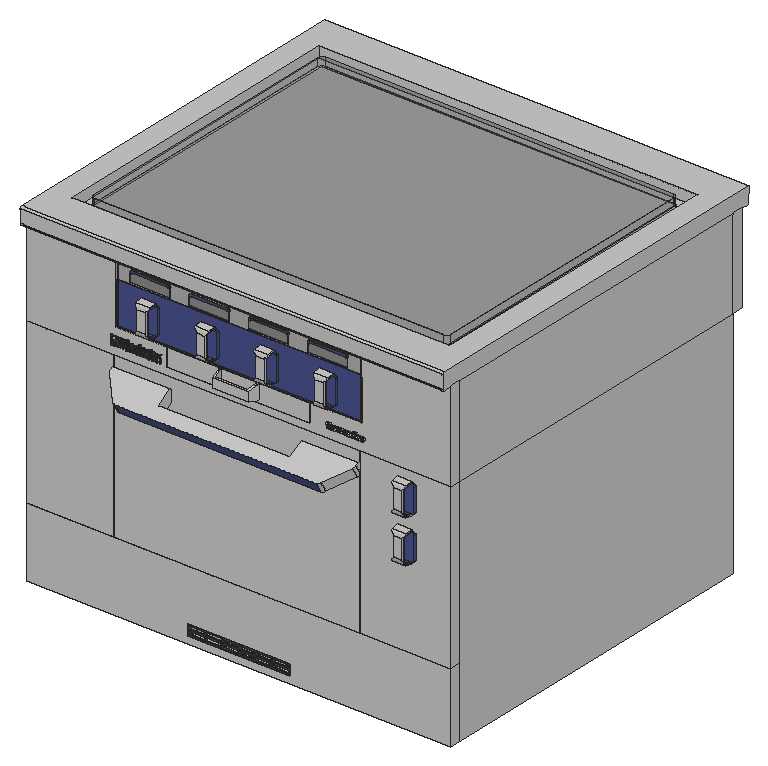
Revit family "QF_ELECTROLUXPROFESSIONAL_589655_MCLLFAJ8AO", category Attrezzature speciali, Revit 2020
Family settings
  Quota connettore circolare = Usa diametro
  Tipo di parte = Normale
  Basato su piano di lavoro = No
  Sempre verticale = Sì
  Taglio con vuoti quando caricato = No
  Condiviso = No
  Punto di calcolo locali = No
Parameters (values of type "Standard")
  Weight = 258.00 kg
  Watts = 21300 W
  Volts = 400 V
  URL Manufacturer = "https://www.electroluxprofessional.com/"
  URL = "https://www.electroluxprofessional.com/"
  Steam Supply Size = 0"
  Steam Supply Minimum Pressure = 0.00 psi
  Steam Supply Maximum Pressure = 0.00 psi
  Steam Consumption per Hour = 0
  Refrigeration Suction Line Size = 0 mm
  Refrigeration Liquid Line Size = 0 mm
  Refrigerant Compressor Remote = yes
  Prospetto di default = 0 mm
  Phase = 3
  Modello = "MCLLFAJ8AO"
  Produttore = "Electrolux Professional"
  Length Actual = 1000 mm  # constant formula
  Item Number = "589655"
  Hot Water Size = 0"
  Height Actual = 800 mm  # constant formula
  HP = "28.6 HP"
  Gas Size = 0"
  Gas KW = 0
  Gas Input Pressure = 0.0 Btu/h
  Direct Waste Size = 0"
  Descrizione = "EL.SOLID TOP,ST.OV,1S,1000X900X800H"
  Depth Actual = 900 mm  # constant formula
  Cycle = 50 Hz
  Condensate Return Size = 0"
  Compressed Air Volume = 0 GPM
  Compressed Air Size = 0"
  Compressed Air Pressure = 0.00 psi
  Cold Water Size = 0"
  Accessory = yes
Reference planes
  plane 1 "BACK": y = 0
  plane 2: z = 0
  plane 3 "LEFT": x = -100
  plane 4 "RIGHT": x = 900
  plane 5 "FRONT": y = -900
  plane 6 "TOP": z = 900
  plane 7 "Center (Left/Right)": x = 400
  plane 8: y = -450
  plane 9: z = 100
  plane 10: y = -150
  plane 11 "Panel": y = -855
  plane 12: z = 798
  plane 13: z = 1327
  plane 14: x = -22
  plane 15: x = 822
  plane 16: y = -150
  plane 17: y = -650
  plane 18 "EIx": x = 855
  plane 19 "EIy": y = -685
  plane 20: y = -880
  plane 21: z = 938
Forms (mm)
  Extrusion 1, solid, material "QF_Finishes_Stainless Steel"
    sketch origin (-178.969, -4572, 100) x (-1, 0, 0) y (0, -1, 0)
      loop
        line (-78.969, -4527) -> (-78.969, -3717) -> (-1078.969, -3717) -> (-1078.969, -4527) -> (-78.969, -4527)
    from 550 to 762.969
  Extrusion 2, solid, material "QF_Finishes_Stainless Steel"
    sketch origin (-100, 0, -100) x (0, 1, 0) y (0, 0, 1)
      loop
        line (-855, 200) -> (-855, 365) -> (-880, 365) -> (-880, 200) -> (-855, 200)
    from 0 to 1000
  Extrusion 3, solid, material "QF_Finishes_Stainless Steel"
    sketch origin (-488.969, -4662, 100) x (-1, 0, 0) y (0, -1, 0)
      loop
        circle (-1343.969, -3977) r 6.35
    from 0 to -11.851
  Extrusion 4, solid, material "QF_Finishes_Stainless Steel"
    sketch origin (400, 296.4, 1219.2) x (0, 1, 0) y (0, 0, 1)
      loop
        line (-296.4, -319.2) -> (-1191.4, -319.2)
        arc (-1191.4, -319.2) -> (-1194.935, -320.664) -> (-1196.4, -324.2) r 5
        line (-1196.4, -324.2) -> (-1196.4, -355.2)
        arc (-1196.4, -355.2) -> (-1194.971, -358.264) -> (-1191.705, -359.139) r 4
        line (-1191.705, -359.139) -> (-1176.4, -356.231) -> (-316.4, -356.231) -> (-301.094, -359.139)
        arc (-301.094, -359.139) -> (-297.829, -358.264) -> (-296.4, -355.2) r 4
        line (-296.4, -355.2) -> (-296.4, -319.2)
    from -500 to 500
  Extrusion 5, solid, material "QF_Finishes_Electrolux_Black Smoke Iluminated"
    sketch origin (0, 0, 900) x (-1, 0, 0) y (0, -1, 0)
      loop
        arc (12, 109) -> (19.071, 111.929) -> (22, 119) r 10
        line (22, 119) -> (22, 780)
        arc (22, 780) -> (19.071, 787.071) -> (12, 790) r 10
        line (12, 790) -> (-812, 790)
        arc (-812, 790) -> (-819.071, 787.071) -> (-822, 780) r 10
        line (-822, 780) -> (-822, 119)
        arc (-822, 119) -> (-819.071, 111.929) -> (-812, 109) r 10
        line (-812, 109) -> (12, 109)
    from 0 to -20
  Extrusion 6, solid, material "QF_Finishes_Stainless Steel"
    sketch origin (-178.969, -4572, 100) x (-1, 0, 0) y (0, -1, 0)
      loop
        line (-78.969, -4527) -> (-78.969, -3717) -> (-1078.969, -3717) -> (-1078.969, -4527) -> (-78.969, -4527)
    from 550 to 0
  Extrusion 7, void
    sketch origin (0, -855, -100) x (-1, 0, 0) y (0, 0, 1)
      loop
        line (-520, 216.594) -> (-280, 216.594) -> (-280, 241.594) -> (-520, 241.594) -> (-520, 216.594)
    from 0 to -25
  Extrusion 8, solid, material "QF_Finishes_Black"
    sketch origin (0, -855, -100) x (-1, 0, 0) y (0, 0, 1)
      loop
        line (-280, 241.594) -> (-520, 241.594) -> (-520, 216.594) -> (-280, 216.594) -> (-280, 241.594)
      loop
        line (-282, 239.594) -> (-319.131, 239.594) -> (-319.131, 230.094) -> (-282, 230.094) -> (-282, 239.594)
      loop
        line (-282, 218.594) -> (-282, 228.094) -> (-319.131, 228.094) -> (-319.131, 218.594) -> (-282, 218.594)
      loop
        line (-321.131, 239.594) -> (-359.066, 239.594) -> (-359.066, 230.094) -> (-321.131, 230.094) -> (-321.131, 239.594)
      loop
        line (-399, 239.594) -> (-399, 230.094) -> (-361.066, 230.094) -> (-361.066, 239.594) -> (-399, 239.594)
      loop
        line (-401, 239.594) -> (-438.934, 239.594) -> (-438.934, 230.094) -> (-401, 230.094) -> (-401, 239.594)
      loop
        line (-359.066, 218.594) -> (-321.131, 218.594) -> (-321.131, 228.094) -> (-359.066, 228.094) -> (-359.066, 218.594)
      loop
        line (-361.066, 218.594) -> (-361.066, 228.094) -> (-399, 228.094) -> (-399, 218.594) -> (-361.066, 218.594)
      loop
        line (-401, 228.094) -> (-438.934, 228.094) -> (-438.934, 218.594) -> (-401, 218.594) -> (-401, 228.094)
      loop
        line (-518, 239.594) -> (-518, 230.094) -> (-480.869, 230.094) -> (-480.869, 239.594) -> (-518, 239.594)
      loop
        line (-518, 218.594) -> (-480.869, 218.594) -> (-480.869, 228.094) -> (-518, 228.094) -> (-518, 218.594)
      loop
        line (-478.869, 239.594) -> (-478.869, 230.094) -> (-440.934, 230.094) -> (-440.934, 239.594) -> (-478.869, 239.594)
      loop
        line (-440.934, 218.594) -> (-440.934, 228.094) -> (-478.869, 228.094) -> (-478.869, 218.594) -> (-440.934, 218.594)
    from -25.03 to -20
  Extrusion 9, void
    sketch origin (0, 0, 900) x (-1, 0, 0) y (0, -1, 0)
      loop
        line (47, 815) -> (-847, 815) -> (-847, 84) -> (47, 84) -> (47, 815)
    from 0 to -25
  Extrusion 10, solid, material "QF_Finishes_Stainless Steel"
    sketch origin (0, 0, 900) x (-1, 0, 0) y (0, -1, 0)
      loop
        line (18, 113) -> (18, 786) -> (-818, 786) -> (-818, 113) -> (18, 113)
    from -20 to -25
  Extrusion 11, solid, material "QF_Finishes_Stainless Steel"
    sketch origin (400, 296.4, 1219.2) x (0, 1, 0) y (0, 0, 1)
      loop
        line (-341.4, -569.2) -> (-316.4, -569.2) -> (-316.4, -356.231) -> (-341.4, -356.231) -> (-341.4, -569.2)
    from -500 to 500
Cuts and joins
  Extrusion 7 cuts Extrusion 6
  Extrusion 7 cuts Extrusion 2
  Extrusion 9 cuts Extrusion 4
Lines and regions (mm)
  symbolic lines
    curve 1: line (-100, 0, 100) -> (900, 0, 100)
    curve 2: line (-100, -900, 100) -> (-100, 0, 100)
    curve 3: line (900, -900, 100) -> (-100, -900, 100)
    curve 4: line (900, 0, 100) -> (900, -900, 100)
    curve 5: line (812, -109, 100) -> (-12, -109, 100)
    curve 6: line (-22, -119, 100) -> (-22, -780, 100)
    curve 7: line (-12, -790, 100) -> (812, -790, 100)
    curve 8: line (822, -780, 100) -> (822, -119, 100)
    curve 9: arc (-12, -109, 100) -> (-19.071, -111.929, 100) -> (-22, -119, 100) r 10
    curve 10: arc (822, -119, 100) -> (819.071, -111.929, 100) -> (812, -109, 100) r 10
    curve 11: arc (812, -790, 100) -> (819.071, -787.071, 100) -> (822, -780, 100) r 10
    curve 12: arc (-22, -780, 100) -> (-19.071, -787.071, 100) -> (-12, -790, 100) r 10
    curve 13: line (847, -84, 900) -> (-47, -84, 900)
    curve 14: line (-47, -84, 900) -> (-47, -815, 900)
    curve 15: line (847, -815, 900) -> (847, -84, 900)
    curve 16: line (-47, -815, 900) -> (847, -815, 900)
  model lines, style "SpecialityEquipment"
    curve 17: arc (634, -211, 900) -> (580.967, -339.033, 900) -> (709, -286, 900) r 75
    curve 18: line (689, -286, 900) -> (729, -286, 900)
    curve 19: line (729, -286, 900) -> (709, -266, 900)
    curve 20: line (689, -286, 900) -> (709, -266, 900)
    curve 21: arc (166, -211, 900) -> (112.967, -339.033, 900) -> (241, -286, 900) r 75
    curve 22: line (221, -286, 900) -> (261, -286, 900)
    curve 23: line (261, -286, 900) -> (241, -266, 900)
    curve 24: line (221, -286, 900) -> (241, -266, 900)
    curve 25: arc (634, -539, 900) -> (580.967, -667.033, 900) -> (709, -614, 900) r 75
    curve 26: line (689, -614, 900) -> (729, -614, 900)
    curve 27: line (729, -614, 900) -> (709, -594, 900)
    curve 28: line (689, -614, 900) -> (709, -594, 900)
    curve 29: arc (166, -539, 900) -> (112.967, -667.033, 900) -> (241, -614, 900) r 75
    curve 30: line (221, -614, 900) -> (261, -614, 900)
    curve 31: line (261, -614, 900) -> (241, -594, 900)
    curve 32: line (221, -614, 900) -> (241, -594, 900)
Dimensions and locks
  plane 3 "LEFT" to plane 4 "RIGHT" = 1000 mm
  plane 5 "FRONT" to plane 1 "BACK" = 900 mm
  plane 3 "LEFT" to plane 7 "Center (Left/Right)" to plane 4 "RIGHT" = 500 mm, 500 mm
  equal spacing: plane 5 "FRONT", plane 8, plane 1 "BACK"
  plane 6 "TOP" to level = 900 mm  (x2)
  plane 9 to level = 100 mm
  plane 1 "BACK" to plane 10 to plane 11 "Panel" = 150 mm, 705 mm  (x2)
  plane 6 "TOP" to plane 9 to level = 800 mm, 100 mm
  plane 1 "BACK" to plane 5 "FRONT" = 900 mm
  plane 1 "BACK" to Extrusion 3 = 685 mm
  plane 12 to plane 9 = 698 mm
  plane 13 to plane 6 "TOP" = 427 mm
  plane 6 "TOP" to plane 12 = 102 mm
  plane 14 to plane 3 "LEFT" = 78 mm
  plane 15 to plane 4 "RIGHT" = 78 mm
  locked: plane 1 "BACK" to plane 16 at 150
  locked: plane 16 to plane 17 at 500
  plane 11 "Panel" to plane 5 "FRONT" = 45 mm
  plane 18 "EIx" to plane 4 "RIGHT" = 45 mm
  plane 19 "EIy" to plane 1 "BACK" = 685 mm
  locked: plane 11 "Panel" to plane 20 at 25
  plane 21 to plane 6 "TOP" = 38 mm
  aligned and locked: level to plane 2
  aligned and locked: Extrusion 2 to plane 4 "RIGHT"
  aligned and locked: cut or joined group of Extrusion 4, Extrusion 9 to plane 3 "LEFT"
  aligned and locked: cut or joined group of Extrusion 4, Extrusion 9 to plane 4 "RIGHT"
  aligned and locked: cut or joined group of Extrusion 6, Extrusion 7 to plane 4 "RIGHT"
  aligned and locked: cut or joined group of Extrusion 6, Extrusion 7 to plane 3 "LEFT"
  aligned and locked: nested 1 to plane 11 "Panel"
  aligned and locked: nested 4 to plane 11 "Panel"
  aligned and locked: Extrusion 1 to plane 11 "Panel"
  aligned and locked: plane 11 "Panel" to cut or joined group of Extrusion 2, Extrusion 7
  aligned and locked: nested 2 to plane 20
  aligned and locked: nested 3 to plane 20
  aligned and locked: Extrusion 1 to plane 3 "LEFT"
  aligned and locked: Extrusion 1 to plane 4 "RIGHT"
  aligned and locked: plane 3 "LEFT" to nested 1
  aligned and locked: cut or joined group of Extrusion 2, Extrusion 7 to nested 1
  aligned and locked: Extrusion 1 to cut or joined group of Extrusion 4, Extrusion 9
  aligned and locked: cut or joined group of Extrusion 6, Extrusion 7 to nested 4
  aligned and locked: Extrusion 1 to cut or joined group of Extrusion 6, Extrusion 7
  aligned and locked: Extrusion 11 to plane 3 "LEFT"
  aligned and locked: Extrusion 11 to plane 4 "RIGHT"
Automatic sketch dimensions
  Extrusion 1 sketch curve to plane 4 "RIGHT" = 0 mm
  Extrusion 1 sketch curve to plane 3 "LEFT" = 0 mm
  Extrusion 1 sketch curve to plane 11 "Panel" = 0 mm
  plane 1 "BACK" to Extrusion 1 sketch curve = 45 mm
  Extrusion 2 sketch curve to plane 9 = 0 mm
  Extrusion 2 sketch curve to plane 20 = 0 mm
  Extrusion 2 sketch curve to plane 11 "Panel" = 0 mm
  plane 9 to Extrusion 2 sketch curve = 165 mm
  plane 1 "BACK" to curve 1 = 0 mm
  curve 1 to plane 4 "RIGHT" = 0 mm
  curve 8 to plane 15 = 0 mm
  curve 6 to plane 14 = 0 mm
  curve 2 to plane 3 "LEFT" = 0 mm
  plane 5 "FRONT" to curve 3 = 0 mm
  plane 15 to curve 5 = 10 mm
  plane 15 to curve 11 = 10 mm
  curve 5 to plane 14 = 10 mm
  curve 12 to curve 12 = 10 mm
  plane 10 to curve 5 = 41 mm
  plane 11 "Panel" to curve 11 = 75 mm
  Extrusion 3 sketch curve to plane 18 "EIx" = 0 mm
  Extrusion 3 sketch curve to plane 19 "EIy" = 0 mm
  Extrusion 4 sketch curve to plane 5 "FRONT" = 0 mm
  Extrusion 4 sketch curve to plane 6 "TOP" = 0 mm
  Extrusion 4 sketch curve to plane 20 = 0 mm
  Extrusion 4 sketch curve to plane 1 "BACK" = 0 mm
  Extrusion 4 sketch curve to Extrusion 4 sketch curve = 4 mm
  Extrusion 4 sketch curve to Extrusion 4 sketch curve = 0.695 mm
  Extrusion 4 sketch curve to plane 5 "FRONT" = 5 mm
  plane 1 "BACK" to Extrusion 4 sketch curve = 20 mm
  plane 1 "BACK" to Extrusion 4 sketch curve = 4.695 mm
  plane 1 "BACK" to Extrusion 4 sketch curve = 4 mm
  Extrusion 4 sketch curve to Extrusion 4 sketch curve = 31 mm
  Extrusion 4 sketch curve to Extrusion 4 sketch curve = 36 mm
  Extrusion 4 sketch curve to Extrusion 4 sketch curve = 2.909 mm
  Extrusion 5 sketch curve to plane 15 = 0 mm
  Extrusion 5 sketch curve to plane 14 = 0 mm
  plane 15 to Extrusion 5 sketch curve = 10 mm  (x2)
  Extrusion 5 sketch curve to Extrusion 5 sketch curve = 10 mm  (x2)
  plane 10 to Extrusion 5 sketch curve = 41 mm
  plane 11 "Panel" to Extrusion 5 sketch curve = 75 mm
  Extrusion 6 sketch curve to plane 4 "RIGHT" = 0 mm
  Extrusion 6 sketch curve to plane 3 "LEFT" = 0 mm
  Extrusion 6 sketch curve to plane 11 "Panel" = 0 mm
  plane 1 "BACK" to Extrusion 6 sketch curve = 45 mm
  plane 9 to Extrusion 7 sketch curve = 41.594 mm
  plane 7 "Center (Left/Right)" to Extrusion 7 sketch curve = 120 mm
  Extrusion 7 sketch curve to plane 7 "Center (Left/Right)" = 120 mm
  plane 9 to Extrusion 7 sketch curve = 16.594 mm
  plane 9 to Extrusion 8 sketch curve = 41.594 mm
  plane 7 "Center (Left/Right)" to Extrusion 8 sketch curve = 120 mm
  Extrusion 8 sketch curve to Extrusion 8 sketch curve = 2 mm  (x15)
  Extrusion 8 sketch curve to Extrusion 8 sketch curve = 0 mm  (x16)
  Extrusion 8 sketch curve to Extrusion 8 sketch curve = 37.131 mm  (x2)
  Extrusion 8 sketch curve to Extrusion 8 sketch curve = 37.934 mm  (x3)
  plane 7 "Center (Left/Right)" to Extrusion 8 sketch curve = 1 mm  (x2)
  Extrusion 8 sketch curve to plane 7 "Center (Left/Right)" = 1 mm  (x2)
  plane 9 to Extrusion 8 sketch curve = 18.594 mm  (x4)
  Extrusion 8 sketch curve to Extrusion 8 sketch curve = 9.5 mm  (x6)
  plane 18 "EIx" to Extrusion 9 sketch curve = 8 mm
  plane 14 to Extrusion 9 sketch curve = 25 mm
  plane 10 to Extrusion 9 sketch curve = 66 mm
  plane 11 "Panel" to Extrusion 9 sketch curve = 40 mm
  plane 15 to Extrusion 10 sketch curve = 4 mm
  Extrusion 10 sketch curve to plane 14 = 4 mm
  plane 10 to Extrusion 10 sketch curve = 37 mm
  plane 11 "Panel" to Extrusion 10 sketch curve = 69 mm
  plane 18 "EIx" to curve 13 = 8 mm
  curve 27 to plane 17 = 36 mm
  plane 15 to curve 27 = 93 mm
  plane 15 to curve 18 = 93 mm
  curve 18 to curve 20 = 20 mm
  curve 26 to curve 27 = 20 mm
  curve 19 to curve 18 = 20 mm
  curve 28 to curve 26 = 20 mm
  curve 26 to curve 25 = 55 mm
  curve 18 to curve 17 = 55 mm
  curve 23 to plane 7 "Center (Left/Right)" = 139 mm
  curve 31 to plane 17 = 36 mm
  curve 31 to plane 7 "Center (Left/Right)" = 139 mm
  curve 30 to curve 31 = 20 mm
  curve 22 to curve 23 = 20 mm
  curve 32 to curve 32 = 20 mm
  curve 23 to curve 22 = 20 mm
  curve 30 to curve 29 = 55 mm
  curve 22 to curve 21 = 55 mm
  plane 14 to curve 13 = 25 mm
  curve 24 to plane 10 = 136 mm
  curve 18 to plane 10 = 136 mm
  plane 10 to curve 15 = 66 mm
  plane 11 "Panel" to curve 16 = 40 mm
  curve 17 to curve 18 = 20 mm
  curve 25 to curve 26 = 20 mm
  curve 21 to curve 22 = 20 mm
  curve 29 to curve 30 = 20 mm
  plane 1 "BACK" to Extrusion 11 sketch curve = 45 mm
  plane 1 "BACK" to Extrusion 11 sketch curve = 20 mm
  Extrusion 11 sketch curve to plane 12 = 148 mm
  Extrusion 11 sketch curve to plane 6 "TOP" = 37.031 mm
  radius of Extrusion 3 sketch curve = 6.35 mm
Nested families
  nested 1: "Door_Panel_W1000_A" at (400, -855, 0), type "Door_Panel_W1000_A"
  nested 2: "FIT Range Control Handle" at (795, -883.137, -372.751), type "FIT Range Control Handle"
  nested 3: "FIT Range Control Handle" at (795, -883.137, -474.751), type "FIT Range Control Handle"
  nested 4: "Front_Panel_W1000_Four Knobs" at (102.376, -855, 0), type "Front_Panel_W1000_Four Knobs"
Connectors
  electrical at (855, -685, 88.149)
    settings: on Extrusion 3, index 1, voltage 400 V, apparent load 33000 VA, apparent load phase1 0 VA, apparent load phase2 0 VA, apparent load phase3 0 VA, power factor 1, load classification "Other", number of poles 1, system type 30, power factor state 1, is connector primary yes, connector utility no, sub classification motor no, connector description "ELECTRICAL CONNECTION"
Definition of nested family "Door_Panel_W1000_A"
  Parameters
    Default Elevation = 0 mm
  Reference planes
    plane 1 "Center (Front/Back)": y = 0
    plane 2 "Ref. Level": z = 0
    plane 3: x = 500
    plane 4: x = -500
    plane 5 "Center (Left/Right)": x = 0
    plane 6: x = -295
    plane 7: x = 285
    plane 8 "Manopola": through (-6096, -50.059, 612.389) normal (0, -0.515, 0.8572)
    plane 9 "Top": z = 650
    plane 10: z = 265
    plane 11: z = 200
  Forms (mm)
    Extrusion 1, solid
      sketch origin (0, 0, 0) x (0, 1, 0) y (0, 0, 1)
        loop
          line (-25.03, 650) -> (-25.03, 265) -> (0, 265) -> (0, 650) -> (-25.03, 650)
      from 285 to 500
    Extrusion 2, solid
      sketch origin (0, 0, 0) x (0, 1, 0) y (0, 0, 1)
        loop
          line (-25.03, 650) -> (-25.03, 265) -> (0, 265) -> (0, 650) -> (-25.03, 650)
      from -500 to -295
    Extrusion 3, solid
      sketch origin (0, 0, 0) x (0, 1, 0) y (0, 0, 1)
        loop
          line (-25.03, 650) -> (-25.03, 265) -> (0, 265) -> (0, 650) -> (-25.03, 650)
      from -295 to 285
    Extrusion 4, solid
      sketch origin (0, -283.633, 472.044) x (0, 0.857167, 0.515038) y (-1, 0, 0)
        loop
          line (299.12, -285) -> (299.12, 295) -> (290.982, 295)
          arc (290.982, 295) -> (286.677, 294.026) -> (283.211, 291.293) r 10
          line (283.211, 291.293) -> (233.28, 250.86)
          arc (233.28, 250.86) -> (230.548, 247.394) -> (229.574, 243.089) r 10
          line (229.574, 243.089) -> (229.574, -233.089)
          arc (229.574, -233.089) -> (230.548, -237.394) -> (233.28, -240.86) r 10
          line (233.28, -240.86) -> (283.211, -281.293)
          arc (283.211, -281.293) -> (286.677, -284.026) -> (290.982, -285) r 10
          line (290.982, -285) -> (299.12, -285)
      from -27 to 0
    Extrusion 5, void
      sketch origin (0, 0, 0) x (0, 1, 0) y (0, 0, 1)
        loop
          line (-61.514, 605.507) -> (-47.608, 582.363) -> (-25.03, 595.93) -> (-25.03, 627.429) -> (-61.514, 605.507)
      from -160 to 150
    Extrusion 6, solid, detail levels coarse
      sketch origin (0, 0, 0) x (0, 1, 0) y (0, 0, 1)
        loop
          line (-25.03, 265) -> (-25.03, 650)
          arc (-25.03, 650) -> (-297.266, 537.236) -> (-410.03, 265) r 385
          line (-410.03, 265) -> (-25.03, 265)
      from -295 to 285
  Cuts and joins
    Extrusion 5 cuts Extrusion 4
    joined: Extrusion 3, Extrusion 4
  Lines and regions (mm)
    symbolic lines
      curve 1: line (-287.355, -45.043, 0) -> (-250.86, -83.673, 0)
      curve 2: line (-243.089, -86.85, 0) -> (233.089, -86.85, 0)
      curve 3: line (240.86, -83.673, 0) -> (277.355, -45.043, 0)
      curve 4: arc (-243.089, -86.85, 0) -> (-247.318, -86.101, 0) -> (-250.86, -83.673, 0) r 10.165
      curve 5: arc (233.089, -86.85, 0) -> (237.318, -86.101, 0) -> (240.86, -83.673, 0) r 10.165
      curve 6: line (-295, -45.043, 0) -> (-295, -410.03, 0)
      curve 7: line (-295, -410.03, 0) -> (285, -410.03, 0)
      curve 8: line (285, -410.03, 0) -> (285, -45.03, 0)
  Dimensions and locks
    plane 3 to plane 4 = 1000 mm
    plane 4 to plane 3 = 1000 mm
    equal spacing: plane 3, plane 5 "Center (Left/Right)", plane 4
    plane 6 to plane 4 = 205 mm
    plane 3 to plane 7 = 215 mm
    plane 11 to level = 200 mm
    plane 10 to plane 11 = 65 mm
    plane 10 to plane 9 "Top" = 385 mm
    plane 9 "Top" to plane 11 = 450 mm
    aligned and locked: plane 3 to Extrusion 1
    aligned and locked: cut or joined group of Extrusion 3, Extrusion 4, Extrusion 5 to plane 6
    aligned and locked: cut or joined group of Extrusion 3, Extrusion 4, Extrusion 5 to plane 7
    aligned and locked: plane 7 to Extrusion 1
    aligned and locked: plane 6 to Extrusion 2
    aligned and locked: Extrusion 2 to plane 4
    aligned and locked: plane 10 to Extrusion 2
    aligned and locked: plane 10 to cut or joined group of Extrusion 3, Extrusion 4, Extrusion 5
    aligned and locked: plane 10 to Extrusion 1
    aligned and locked: Extrusion 6 to plane 6
    aligned and locked: Extrusion 6 to plane 7
  Automatic sketch dimensions
    Extrusion 5 sketch curve to plane 8 "Manopola" = 0 mm  (x2)
    plane 1 "Center (Front/Back)" to Extrusion 5 sketch curve = 61.514 mm
    Extrusion 5 sketch curve to Extrusion 5 sketch curve = 13.906 mm
    plane 1 "Center (Front/Back)" to Extrusion 5 sketch curve = 25.03 mm
    Extrusion 4 sketch curve to plane 7 = 0 mm
    Extrusion 4 sketch curve to plane 6 = 0 mm
    plane 6 to Extrusion 4 sketch curve = 51.911 mm
    plane 7 to Extrusion 4 sketch curve = 44.14 mm
    Extrusion 4 sketch curve to Extrusion 4 sketch curve = 3.707 mm  (x2)
    plane 6 to Extrusion 4 sketch curve = 44.14 mm
    plane 7 to Extrusion 4 sketch curve = 3.707 mm
    Extrusion 4 sketch curve to Extrusion 4 sketch curve = 49.93 mm  (x2)
    plane 6 to Extrusion 4 sketch curve = 3.707 mm
    Extrusion 4 sketch curve to Extrusion 4 sketch curve = 7.771 mm  (x3)
    Extrusion 4 sketch curve to Extrusion 4 sketch curve = 8.138 mm
    Extrusion 2 sketch curve to plane 1 "Center (Front/Back)" = 0 mm
    Extrusion 3 sketch curve to plane 1 "Center (Front/Back)" = 0 mm
    Extrusion 1 sketch curve to plane 1 "Center (Front/Back)" = 0 mm
    Extrusion 2 sketch curve to plane 9 "Top" = 0 mm
    Extrusion 2 sketch curve to Extrusion 2 sketch curve = 25.03 mm
    Extrusion 3 sketch curve to plane 9 "Top" = 0 mm
    Extrusion 3 sketch curve to Extrusion 3 sketch curve = 25.03 mm
    Extrusion 1 sketch curve to plane 9 "Top" = 0 mm
    plane 1 "Center (Front/Back)" to Extrusion 1 sketch curve = 25.03 mm
    level to Extrusion 1 sketch curve = 265 mm
    level to Extrusion 2 sketch curve = 265 mm
    level to Extrusion 3 sketch curve = 265 mm
    plane 10 to Extrusion 6 sketch curve = 0 mm
    Extrusion 6 sketch curve to plane 9 "Top" = 0 mm
    plane 1 "Center (Front/Back)" to Extrusion 6 sketch curve = 25.03 mm
    curve 7 to plane 7 = 0 mm
    plane 6 to curve 1 = 44.14 mm
    curve 4 to curve 4 = 7.389 mm
    curve 4 to curve 2 = 7.771 mm
    plane 7 to curve 2 = 51.911 mm
    curve 2 to curve 5 = 0.382 mm
    curve 2 to curve 3 = 7.771 mm
    plane 1 "Center (Front/Back)" to curve 6 = 410.03 mm
    plane 1 "Center (Front/Back)" to curve 2 = 86.85 mm
    curve 2 to curve 3 = 3.177 mm
    curve 2 to curve 1 = 3.177 mm
    plane 7 to curve 3 = 7.645 mm
    plane 1 "Center (Front/Back)" to curve 3 = 45.043 mm
    curve 3 to curve 8 = 0.013 mm
    curve 7 to plane 6 = 0 mm
    curve 6 to curve 1 = 7.645 mm
    plane 1 "Center (Front/Back)" to curve 1 = 45.043 mm
    curve 6 to curve 1 = 0 mm
Definition of nested family "FIT Range Control Handle"
  Parameters
    Default Elevation = 0 mm
  Reference planes
    plane 1 "Center (Front/Back)": y = 0
    plane 2: z = 0
    plane 3 "Center (Left/Right)": x = 0
    plane 4: z = 971.092
    plane 5: y = -16.8
  Forms (mm)
    Extrusion 1, solid
      sketch origin (-746.28, 380.497, 208.931) x (-1, 0, 0) y (0, 0, 1)
        loop
          line (-770.101, 786.798) -> (-770.101, 731.649)
          arc (-770.101, 731.649) -> (-769.759, 730.563) -> (-768.855, 729.87) r 1.893
          line (-768.855, 729.87) -> (-763.474, 727.911) -> (-729.81, 727.911) -> (-724.428, 729.87)
          arc (-724.428, 729.87) -> (-723.525, 730.563) -> (-723.183, 731.649) r 1.893
          line (-723.183, 731.649) -> (-723.183, 786.798)
          arc (-723.183, 786.798) -> (-723.529, 787.894) -> (-724.44, 788.593) r 1.91
          line (-724.44, 788.593) -> (-729.683, 790.819) -> (-763.601, 790.819) -> (-768.844, 788.593)
          arc (-768.844, 788.593) -> (-769.755, 787.894) -> (-770.101, 786.798) r 1.91
      from -382.35 to -378.852
    Sweep 2, solid
      path origin (-746.788, 380.496, 208.091) x (0, -1, 0) y (0, 0, 1)
        loop
          line (379.775, 793.281) -> (395.661, 791.048)
          arc (395.661, 791.048) -> (397.781, 787.377) -> (398.517, 783.202) r 12.207
          line (398.517, 783.202) -> (398.517, 737.368)
          arc (398.517, 737.368) -> (397.781, 733.193) -> (395.661, 729.522) r 12.207
          line (395.661, 729.522) -> (379.775, 727.289)
      profile origin (-746.788, -7.222, 1000.256) x (0, -0.139173, 0.990268) y (-1, 0, 0)
        loop
          line (0.782, -763.123) -> (0.782, -730.907) -> (-1.322, -730.907) -> (-1.322, -763.123) -> (0.782, -763.123)
    Sweep 3, solid
      path origin (-746.788, 380.715, 207.832) x (0, -1, 0) y (0, 0, 1)
        loop
          line (380.478, 795.442) -> (397.218, 793.09)
          arc (397.218, 793.09) -> (399.929, 788.473) -> (400.871, 783.202) r 15.207
          line (400.871, 783.202) -> (400.871, 737.584)
          arc (400.871, 737.584) -> (399.914, 732.274) -> (397.164, 727.633) r 15.207
          line (397.164, 727.633) -> (380.601, 725.305)
      profile origin (-746.788, -8.132, 1002.099) x (0, -0.139173, 0.990268) y (-1, 0, 0)
        loop
          line (0.782, -763.123) -> (0.782, -730.907) -> (-1.322, -730.907) -> (-1.322, -763.123) -> (0.782, -763.123)
    Extrusion 4, void
      sketch origin (889.253, 220.666, 207.993) x (1, 0, 0) y (0, 0, 1)
        loop
          line (-943.038, 816.854) -> (-943.038, 703.686) -> (-899.466, 734.196) -> (-899.466, 786.344) -> (-943.038, 816.854)
      from 230.636 to 242.25
    Extrusion 5, void
      sketch origin (-888.8, 220.666, 207.993) x (-1, 0, 0) y (0, 0, -1)
        loop
          line (-943.038, -816.854) -> (-899.466, -786.344) -> (-899.466, -734.196) -> (-943.038, -703.686) -> (-943.038, -816.854)
      from 230.636 to 242.25
    Extrusion 6, solid
      sketch origin (0, 0, 0) x (1, 0, 0) y (0, 0, 1)
        loop
          circle (0, 971.092) r 7.736
      from -3.137 to -1.645
  Cuts and joins
    Extrusion 4, Extrusion 5 cuts Sweep 3
    Extrusion 4, Extrusion 5 cuts Sweep 2
    joined: Extrusion 1, Extrusion 6
  Lines and regions (mm)
    symbolic lines
      curve 1: line (-15.881, -19.189, 0) -> (-15.881, -16.8, 0)
      curve 2: line (16.334, -19.189, 0) -> (16.334, -16.8, 0)
      curve 3: spline (-15.881, -19.189, 0) -> (-15.417, -19.349, 0) -> (-14.951, -19.501, 0) -> (-14.483, -19.646, 0) -> (-14.014, -19.783, 0) -> (-13.543, -19.912, 0) -> (-13.071, -20.033, 0) -> (-12.597, -20.146, 0) -> (-12.122, -20.251, 0) -> (-11.646, -20.349, 0) -> (-11.169, -20.438, 0) -> (-10.691, -20.52, 0) -> (-10.213, -20.593, 0)
      curve 4: spline (10.666, -20.593, 0) -> (11.144, -20.52, 0) -> (11.622, -20.438, 0) -> (12.099, -20.349, 0) -> (12.575, -20.251, 0) -> (13.05, -20.146, 0) -> (13.524, -20.033, 0) -> (13.996, -19.912, 0) -> (14.467, -19.783, 0) -> (14.936, -19.646, 0) -> (15.404, -19.501, 0) -> (15.87, -19.349, 0) -> (16.334, -19.189, 0)
      curve 5: line (-10.213, -20.938, 0) -> (10.716, -20.938, 0)
  Dimensions and locks
    cut or joined group of Sweep 3, Extrusion 4, Extrusion 5 to cut or joined group of Sweep 3, Extrusion 4, Extrusion 5 = 71.686 mm
Definition of nested family "Front_Panel_W1000_Four Knobs"
  Parameters
    Default Elevation = 0 mm
  Reference planes
    plane 1 "Center (Front/Back)": y = 0
    plane 2: z = 0
    plane 3 "Center (Left/Right)": x = 297.624
    plane 4 "Left": x = -202.376
    plane 5 "Right": x = 797.624
    plane 6: y = -45
    plane 7: x = 87.624
    plane 8: x = 227.624
    plane 9: y = -310
    plane 10: y = -25
    plane 11: x = -2.376
    plane 12: x = 367.624
    plane 13: x = 507.624
    plane 14: x = 594.715
  Forms (mm)
    Extrusion 1, solid
      sketch origin (833.217, 829.203, -1.25) x (0, 1, 0) y (0, 0, 1)
        loop
          line (-854.203, 651.25) -> (-829.203, 651.25) -> (-829.203, 864.25) -> (-854.203, 864.25) -> (-854.203, 651.25)
      from -1035.593 to -35.593
    Extrusion 2, void
      sketch origin (0, 0, 0) x (1, 0, 0) y (0, 0, 1)
        loop
          line (7.624, 853.866) -> (7.624, 711.866) -> (587.624, 711.866) -> (587.624, 853.866) -> (7.624, 853.866)
      from 19.387 to 33.951
    Extrusion 3, void
      sketch origin (0, 0, 0) x (1, 0, 0) y (0, 0, 1)
        loop
          line (128.624, 711.866) -> (128.624, 668.866) -> (466.624, 668.866) -> (466.624, 711.866) -> (128.624, 711.866)
      from 19.387 to 25
    Extrusion 4, solid
      sketch origin (150, 0, 1) x (1, 0, 0) y (0, 0, 1)
        loop
          line (-21.376, 710.866) -> (-21.376, 667.866) -> (316.624, 667.866) -> (316.624, 710.866) -> (-21.376, 710.866)
      from 19.387 to 25
    Extrusion 5, solid
      sketch origin (150, 0, 1) x (1, 0, 0) y (0, 1, 0)
        loop
          line (106.059, -25) -> (100.966, -25) -> (105.646, -49.075) -> (189.603, -49.075) -> (194.283, -25) -> (189.189, -25) -> (185.481, -44.075) -> (109.767, -44.075) -> (106.059, -25)
      from 672.593 to 705.67
    Extrusion 6, void
      sketch origin (297.624, 0, 1) x (0, 1, 0) y (0, 0, 1)
        loop
          line (-30, 705.67) -> (-30, 710.67) -> (-56.744, 710.67) -> (-56.744, 667.593) -> (-30, 667.593) -> (-30, 672.593) -> (-53.776, 680.318) -> (-53.776, 697.945) -> (-30, 705.67)
      from -50 to 50
    Extrusion 7, solid, detail levels coarse
      sketch origin (150, -265, 1) x (1, 0, 0) y (0, 1, 0)
        loop
          line (106.164, -71.744) -> (189.084, -71.744) -> (194.283, -45) -> (316.624, -45) -> (316.624, 240) -> (-21.376, 240) -> (-21.376, -45) -> (100.966, -45) -> (106.164, -71.744)
      from 672.593 to 705.67
    Extrusion 8, void
      sketch origin (297.624, -280, 1) x (0, 1, 0) y (0, 0, 1)
        loop
          line (-30, 705.67) -> (-30, 710.67) -> (-56.744, 710.67) -> (-56.744, 667.593) -> (-30, 667.593) -> (-30, 672.593) -> (-53.776, 680.318) -> (-53.776, 697.945) -> (-30, 705.67)
      from -50 to 50
  Cuts and joins
    Extrusion 2, Extrusion 3 cuts Extrusion 1
    Extrusion 6 cuts Extrusion 5
    Extrusion 6, Extrusion 8 cuts Extrusion 7
  Lines and regions (mm)
    symbolic lines
      curve 1: line (128.624, -45, 0) -> (128.624, -310, 0)
      curve 2: line (128.624, -310, 0) -> (466.624, -310, 0)
      curve 3: line (466.624, -310, 0) -> (466.624, -45, 0)
      curve 4: line (128.624, -300, 0) -> (466.624, -300, 0)
      curve 5: line (250.908, -309.701, 0) -> (255.587, -333.776, 0)
      curve 6: line (255.587, -333.776, 0) -> (339.545, -333.776, 0)
      curve 7: line (339.545, -333.776, 0) -> (344.225, -309.701, 0)
      curve 8: line (256.001, -309.701, 0) -> (259.709, -328.776, 0)
      curve 9: line (259.709, -328.776, 0) -> (335.423, -328.776, 0)
      curve 10: line (335.423, -328.776, 0) -> (339.131, -309.701, 0)
  Dimensions and locks
    equal spacing: plane 5 "Right", plane 3 "Center (Left/Right)", plane 4 "Left"
    plane 5 "Right" to plane 4 "Left" = 1000 mm
    plane 3 "Center (Left/Right)" to plane 7 = 210 mm
    plane 3 "Center (Left/Right)" to plane 8 = 70 mm
    plane 6 to plane 9 = 265 mm
    plane 13 to plane 3 "Center (Left/Right)" = 210 mm
    plane 12 to plane 3 "Center (Left/Right)" = 70 mm
    aligned and locked: cut or joined group of Extrusion 1, Extrusion 2, Extrusion 3 to plane 4 "Left"
    aligned and locked: plane 5 "Right" to cut or joined group of Extrusion 1, Extrusion 2, Extrusion 3
    aligned and locked: plane 3 "Center (Left/Right)" to nested 2
    aligned and locked: cut or joined group of Extrusion 1, Extrusion 2, Extrusion 3 to nested 2
  Automatic sketch dimensions
    plane 7 to Extrusion 3 sketch curve = 41 mm
    plane 3 "Center (Left/Right)" to Extrusion 3 sketch curve = 169 mm
    level to Extrusion 3 sketch curve = 668.866 mm
    Extrusion 3 sketch curve to Extrusion 3 sketch curve = 43 mm
    Extrusion 1 sketch curve to plane 1 "Center (Front/Back)" = 0 mm
    level to Extrusion 1 sketch curve = 650 mm
    plane 4 "Left" to Extrusion 2 sketch curve = 210 mm
    Extrusion 2 sketch curve to plane 5 "Right" = 210 mm
    level to Extrusion 2 sketch curve = 711.866 mm
    Extrusion 2 sketch curve to Extrusion 2 sketch curve = 142 mm
    plane 6 to curve 1 = 0 mm
    plane 6 to curve 3 = 0 mm
    plane 9 to curve 1 = 0 mm
    plane 7 to curve 1 = 41 mm
    curve 1 to curve 4 = 10 mm
    Extrusion 1 sketch curve to plane 6 = 20 mm
    Extrusion 1 sketch curve to Extrusion 1 sketch curve = 213 mm
    plane 7 to Extrusion 4 sketch curve = 41 mm
    Extrusion 4 sketch curve to plane 13 = 41 mm
    level to Extrusion 4 sketch curve = 668.866 mm
    Extrusion 4 sketch curve to Extrusion 4 sketch curve = 43 mm
    plane 10 to Extrusion 5 sketch curve = 0 mm  (x2)
    plane 8 to Extrusion 5 sketch curve = 23.342 mm
    plane 6 to Extrusion 5 sketch curve = 4.075 mm
    Extrusion 5 sketch curve to Extrusion 5 sketch curve = 4.68 mm
    Extrusion 5 sketch curve to Extrusion 5 sketch curve = 5.094 mm  (x2)
    Extrusion 5 sketch curve to plane 6 = 0.925 mm
    Extrusion 5 sketch curve to Extrusion 5 sketch curve = 4.122 mm  (x2)
    Extrusion 5 sketch curve to plane 12 = 32.143 mm
    Extrusion 5 sketch curve to Extrusion 5 sketch curve = 3.708 mm
    plane 6 to Extrusion 6 sketch curve = 11.744 mm
    plane 6 to Extrusion 6 sketch curve = 8.776 mm
    plane 10 to Extrusion 6 sketch curve = 5 mm  (x2)
    level to Extrusion 6 sketch curve = 668.593 mm
    Extrusion 6 sketch curve to Extrusion 6 sketch curve = 5 mm
    Extrusion 6 sketch curve to Extrusion 6 sketch curve = 12.725 mm  (x2)
    Extrusion 6 sketch curve to Extrusion 6 sketch curve = 17.627 mm
    Extrusion 6 sketch curve to Extrusion 6 sketch curve = 7.725 mm
    plane 10 to Extrusion 7 sketch curve = 0 mm
    Extrusion 7 sketch curve to plane 9 = 0 mm  (x2)
    plane 7 to Extrusion 7 sketch curve = 41 mm
    plane 8 to Extrusion 7 sketch curve = 23.342 mm
    Extrusion 7 sketch curve to Extrusion 7 sketch curve = 5.199 mm
    Extrusion 7 sketch curve to plane 12 = 28.54 mm
    Extrusion 7 sketch curve to plane 12 = 23.342 mm
    Extrusion 7 sketch curve to plane 13 = 41 mm
    Extrusion 7 sketch curve to plane 9 = 26.744 mm
    Extrusion 8 sketch curve to plane 9 = 0 mm  (x2)
    Extrusion 8 sketch curve to plane 9 = 23.776 mm
    Extrusion 8 sketch curve to Extrusion 8 sketch curve = 2.968 mm
    level to Extrusion 8 sketch curve = 668.593 mm
    Extrusion 8 sketch curve to Extrusion 8 sketch curve = 5 mm
    Extrusion 8 sketch curve to Extrusion 8 sketch curve = 12.725 mm  (x2)
    Extrusion 8 sketch curve to Extrusion 8 sketch curve = 17.627 mm
    Extrusion 8 sketch curve to Extrusion 8 sketch curve = 7.725 mm
    curve 3 to plane 13 = 41 mm
    plane 9 to curve 5 = 0.299 mm
    plane 8 to curve 5 = 23.283 mm
    curve 5 to curve 5 = 4.68 mm
    plane 9 to curve 8 = 0.299 mm
    curve 5 to curve 8 = 5.094 mm
    curve 5 to curve 9 = 4.122 mm
    curve 9 to plane 12 = 32.201 mm
    plane 9 to curve 10 = 0.299 mm
    curve 9 to curve 10 = 3.708 mm
    curve 9 to curve 7 = 4.122 mm
    plane 9 to curve 7 = 0.299 mm
    curve 10 to curve 7 = 5.094 mm
    curve 9 to plane 9 = 18.776 mm
    curve 6 to curve 8 = 5 mm
  Nested families
    nested 1: "Range Control Handle" at (87.624, -28.137, -209.113) x (-1, 0, 0) z (0, 0, 1), type "Range Control Handle"
    nested 2: "Front glass control panel W1000" at (297.624, 280.644, 2.752), type "Front glass control panel W1000"
    nested 3: "Range Control Handle" at (227.624, -28.137, -209.113) x (-1, 0, 0) z (0, 0, 1), type "Range Control Handle"
    nested 4: "Range Control Handle" at (367.624, -28.137, -209.113), type "Range Control Handle"
    nested 5: "Range Control Handle" at (507.624, -28.137, -209.113), type "Range Control Handle"
    nested 6: "ELX_ThermaLine_Small" at (546.122, -25, 679.426) x (1, 0, 0) z (0, -1, 0), type "ELX_ThermaLine_Small"
      with Show Logo yes, Material_Logo none
    nested 7: "ELX_Professional_Logo_Small" at (57.11, -25, 681.659) x (1, 0, 0) z (0, -1, 0), type "ELX_Professional_Logo_Small"
      with Show Logo yes, Material_Logo none
  Definition of nested family "Range Control Handle"
    Parameters
      Default Elevation = 0 mm
    Reference planes
      plane 1 "Center (Front/Back)": y = 0
      plane 2: z = 0
      plane 3 "Center (Left/Right)": x = 0
      plane 4: z = 971.092
      plane 5: y = -16.9
    Forms (mm)
      Extrusion 1, solid
        sketch origin (-746.28, 380.497, 208.931) x (-1, 0, 0) y (0, 0, 1)
          loop
            line (-770.101, 786.798) -> (-770.101, 731.649)
            arc (-770.101, 731.649) -> (-769.759, 730.563) -> (-768.855, 729.87) r 1.893
            line (-768.855, 729.87) -> (-763.474, 727.911) -> (-729.81, 727.911) -> (-724.428, 729.87)
            arc (-724.428, 729.87) -> (-723.525, 730.563) -> (-723.183, 731.649) r 1.893
            line (-723.183, 731.649) -> (-723.183, 786.798)
            arc (-723.183, 786.798) -> (-723.529, 787.894) -> (-724.44, 788.593) r 1.91
            line (-724.44, 788.593) -> (-729.683, 790.819) -> (-763.601, 790.819) -> (-768.844, 788.593)
            arc (-768.844, 788.593) -> (-769.755, 787.894) -> (-770.101, 786.798) r 1.91
        from -382.35 to -378.852
      Sweep 2, solid
        path origin (-746.788, 380.496, 208.091) x (0, -1, 0) y (0, 0, 1)
          loop
            line (379.775, 793.281) -> (395.661, 791.048)
            arc (395.661, 791.048) -> (397.781, 787.377) -> (398.517, 783.202) r 12.207
            line (398.517, 783.202) -> (398.517, 737.368)
            arc (398.517, 737.368) -> (397.781, 733.193) -> (395.661, 729.522) r 12.207
            line (395.661, 729.522) -> (379.775, 727.289)
        profile origin (-746.788, -7.222, 1000.256) x (0, -0.139173, 0.990268) y (-1, 0, 0)
          loop
            line (0.782, -763.123) -> (0.782, -730.907) -> (-1.322, -730.907) -> (-1.322, -763.123) -> (0.782, -763.123)
      Sweep 3, solid
        path origin (-746.788, 380.715, 207.832) x (0, -1, 0) y (0, 0, 1)
          loop
            line (380.478, 795.442) -> (397.218, 793.09)
            arc (397.218, 793.09) -> (399.929, 788.473) -> (400.871, 783.202) r 15.207
            line (400.871, 783.202) -> (400.871, 737.584)
            arc (400.871, 737.584) -> (399.914, 732.274) -> (397.164, 727.633) r 15.207
            line (397.164, 727.633) -> (380.601, 725.305)
        profile origin (-746.788, -8.132, 1002.099) x (0, -0.139173, 0.990268) y (-1, 0, 0)
          loop
            line (0.782, -763.123) -> (0.782, -730.907) -> (-1.322, -730.907) -> (-1.322, -763.123) -> (0.782, -763.123)
      Extrusion 4, void
        sketch origin (889.253, 220.666, 207.993) x (1, 0, 0) y (0, 0, 1)
          loop
            line (-943.038, 816.854) -> (-943.038, 703.686) -> (-899.466, 734.196) -> (-899.466, 786.344) -> (-943.038, 816.854)
        from 230.636 to 242.25
      Extrusion 5, void
        sketch origin (-888.8, 220.666, 207.993) x (-1, 0, 0) y (0, 0, -1)
          loop
            line (-943.038, -816.854) -> (-899.466, -786.344) -> (-899.466, -734.196) -> (-943.038, -703.686) -> (-943.038, -816.854)
        from 230.636 to 242.25
      Extrusion 6, solid
        sketch origin (0, 0, 0) x (1, 0, 0) y (0, 0, 1)
          loop
            circle (0, 971.092) r 7.736
        from -3.137 to -1.645
    Cuts and joins
      Extrusion 4, Extrusion 5 cuts Sweep 3
      Extrusion 4, Extrusion 5 cuts Sweep 2
      joined: Extrusion 1, Extrusion 6
    Lines and regions (mm)
      symbolic lines
        curve 1: line (16.334, -16.9, 0) -> (16.334, -19.227, 0)
        curve 2: spline (16.334, -19.227, 0) -> (15.87, -19.385, 0) -> (15.404, -19.536, 0) -> (14.936, -19.678, 0) -> (14.466, -19.813, 0) -> (13.995, -19.94, 0) -> (13.523, -20.059, 0) -> (13.049, -20.171, 0) -> (12.575, -20.274, 0) -> (12.099, -20.37, 0) -> (11.622, -20.458, 0) -> (11.144, -20.537, 0) -> (10.666, -20.609, 0)
        curve 3: line (10.666, -16.9, 0) -> (10.666, -20.938, 0)
        curve 4: line (-10.213, -20.938, 0) -> (10.666, -20.938, 0)
        curve 5: line (-10.213, -20.938, 0) -> (-10.213, -16.9, 0)
        curve 6: spline (-10.213, -20.609, 0) -> (-10.691, -20.537, 0) -> (-11.169, -20.458, 0) -> (-11.646, -20.37, 0) -> (-12.122, -20.274, 0) -> (-12.597, -20.171, 0) -> (-13.07, -20.059, 0) -> (-13.542, -19.94, 0) -> (-14.013, -19.813, 0) -> (-14.483, -19.678, 0) -> (-14.951, -19.536, 0) -> (-15.417, -19.385, 0) -> (-15.881, -19.227, 0)
        curve 7: line (-15.881, -19.227, 0) -> (-15.881, -16.9, 0)
  Definition of nested family "Front glass control panel W1000"
    Parameters
      Default Elevation = 0 mm
    Reference planes
      plane 1 "Center (Front/Back)": y = 0
      plane 2: z = 0
      plane 3 "Center (Left/Right)": x = 0
    Forms (mm)
      Extrusion 1, solid
        sketch origin (378.286, 0, 0.617) x (1, 0, 0) y (0, 0, 1)
          loop
            line (-668.286, 806.791) -> (-668.286, 708.497) -> (-88.286, 708.497) -> (-88.286, 806.791) -> (-668.286, 806.791)
        from 300.031 to 304.8
      Extrusion 2, solid
        sketch origin (378.286, 0, 0.617) x (1, 0, 0) y (0, 0, 1)
          loop
            line (-668.286, 850.497) -> (-668.286, 806.791) -> (-88.286, 806.791) -> (-88.286, 850.497) -> (-668.286, 850.497)
        from 300.031 to 304.8
      Extrusion 3, void
        sketch origin (378.286, 0, 0.617) x (1, 0, 0) y (0, 0, 1)
          loop
            line (-665.628, 847.565) -> (-665.628, 710.699) -> (-91.196, 710.699) -> (-91.196, 847.565) -> (-665.628, 847.565)
        from 303.697 to 304.8
      Extrusion 4, solid
        sketch origin (-378.333, 1.101, -0.633) x (-1, 0, 0) y (0, 0, -1)
          loop
            line (-261.431, -812.62) -> (-355.186, -812.62) -> (-355.186, -834.177) -> (-350.269, -834.177) -> (-348.469, -835.977) -> (-268.039, -835.977) -> (-266.24, -834.177) -> (-261.431, -834.177) -> (-261.431, -812.62)
        from 304.798 to 306.745
      Extrusion 5, solid
        sketch origin (-378.333, 1.101, -0.633) x (-1, 0, 0) y (0, 0, -1)
          loop
            line (-350.269, -834.177) -> (-355.078, -834.177)
            arc (-355.078, -834.177) -> (-353.942, -838.747) -> (-349.686, -840.763) r 5.5
            line (-349.686, -840.763) -> (-266.98, -840.763)
            arc (-266.98, -840.763) -> (-262.706, -838.752) -> (-261.529, -834.177) r 5.549
            line (-261.529, -834.177) -> (-266.24, -834.177) -> (-268.039, -835.977) -> (-348.469, -835.977) -> (-350.269, -834.177)
        from 304.798 to 306.745
      Extrusion 6, solid
        sketch origin (-518.333, 1.101, -0.633) x (-1, 0, 0) y (0, 0, -1)
          loop
            line (-261.431, -812.62) -> (-355.186, -812.62) -> (-355.186, -834.177) -> (-350.269, -834.177) -> (-348.469, -835.977) -> (-268.039, -835.977) -> (-266.24, -834.177) -> (-261.431, -834.177) -> (-261.431, -812.62)
        from 304.798 to 306.745
      Extrusion 7, solid
        sketch origin (-518.333, 1.101, -0.633) x (-1, 0, 0) y (0, 0, -1)
          loop
            line (-350.269, -834.177) -> (-355.078, -834.177)
            arc (-355.078, -834.177) -> (-353.942, -838.747) -> (-349.686, -840.763) r 5.5
            line (-349.686, -840.763) -> (-266.98, -840.763)
            arc (-266.98, -840.763) -> (-262.706, -838.752) -> (-261.529, -834.177) r 5.549
            line (-261.529, -834.177) -> (-266.24, -834.177) -> (-268.039, -835.977) -> (-348.469, -835.977) -> (-350.269, -834.177)
        from 304.798 to 306.745
      Extrusion 8, solid
        sketch origin (378.333, 1.101, -0.633) x (1, 0, 0) y (0, 0, 1)
          loop
            line (-261.431, 812.62) -> (-261.431, 834.177) -> (-266.24, 834.177) -> (-268.039, 835.977) -> (-348.469, 835.977) -> (-350.269, 834.177) -> (-355.186, 834.177) -> (-355.186, 812.62) -> (-261.431, 812.62)
        from 304.798 to 306.745
      Extrusion 9, solid
        sketch origin (378.333, 1.101, -0.633) x (1, 0, 0) y (0, 0, 1)
          loop
            line (-350.269, 834.177) -> (-348.469, 835.977) -> (-268.039, 835.977) -> (-266.24, 834.177) -> (-261.529, 834.177)
            arc (-261.529, 834.177) -> (-262.706, 838.752) -> (-266.98, 840.763) r 5.549
            line (-266.98, 840.763) -> (-349.686, 840.763)
            arc (-349.686, 840.763) -> (-353.942, 838.747) -> (-355.078, 834.177) r 5.5
            line (-355.078, 834.177) -> (-350.269, 834.177)
        from 304.798 to 306.745
      Extrusion 10, solid
        sketch origin (518.333, 1.101, -0.633) x (1, 0, 0) y (0, 0, 1)
          loop
            line (-261.431, 812.62) -> (-261.431, 834.177) -> (-266.24, 834.177) -> (-268.039, 835.977) -> (-348.469, 835.977) -> (-350.269, 834.177) -> (-355.186, 834.177) -> (-355.186, 812.62) -> (-261.431, 812.62)
        from 304.798 to 306.745
      Extrusion 11, solid
        sketch origin (518.333, 1.101, -0.633) x (1, 0, 0) y (0, 0, 1)
          loop
            line (-350.269, 834.177) -> (-348.469, 835.977) -> (-268.039, 835.977) -> (-266.24, 834.177) -> (-261.529, 834.177)
            arc (-261.529, 834.177) -> (-262.706, 838.752) -> (-266.98, 840.763) r 5.549
            line (-266.98, 840.763) -> (-349.686, 840.763)
            arc (-349.686, 840.763) -> (-353.942, 838.747) -> (-355.078, 834.177) r 5.5
            line (-355.078, 834.177) -> (-350.269, 834.177)
        from 304.798 to 306.745
    Cuts and joins
      Extrusion 3 cuts Extrusion 1
      Extrusion 3 cuts Extrusion 2
    Dimensions and locks
      aligned and locked: Extrusion 1 to Extrusion 2
      aligned and locked: Extrusion 5 sketch curve to Extrusion 4  (x5)
      aligned and locked: Extrusion 5 to Extrusion 4
      aligned and locked: Extrusion 7 sketch curve to Extrusion 6  (x5)
      aligned and locked: Extrusion 7 to Extrusion 6
      aligned and locked: Extrusion 9 sketch curve to Extrusion 8  (x4)
      aligned and locked: Extrusion 8 to Extrusion 9 sketch curve
      aligned and locked: Extrusion 9 to Extrusion 8
      aligned and locked: Extrusion 11 sketch curve to Extrusion 10  (x4)
      aligned and locked: Extrusion 10 to Extrusion 11 sketch curve
      aligned and locked: Extrusion 11 to Extrusion 10
  Definition of nested family "ELX_ThermaLine_Small"
    Parameters
      Show Logo [instance] = yes
      Material_Logo [instance] = none
      Default Elevation = 0 mm
    Reference planes
      plane 1 "Centro (Fronte/Retro)": y = 0
      plane 2: z = 0
      plane 3 "Centro (Sinistra/Destra)": x = 0
    Forms (mm)
      Extrusion 1, solid
        sketch origin (0, 0, 0) x (1, 0, 0) y (0, 1, 0)
          loop
            line (-1219.2, 1219.2) -> (-1219.2, -1219.2) -> (1219.2, -1219.2) -> (1219.2, 1219.2) -> (-1219.2, 1219.2)
        from 0 to -304.8
      Extrusion 2, solid
        sketch origin (0, 0, 0) x (1, 0, 0) y (0, 1, 0)
          loop
            line (-37.494, 1.229) -> (-35.908, 1.229) -> (-35.908, 3.066) -> (-37.494, 3.066) -> (-37.494, 6.221) -> (-39.867, 4.881) -> (-39.867, 3.066) -> (-40.969, 3.066) -> (-40.969, 1.229) -> (-39.867, 1.229) -> (-39.867, -3.407)
            arc (-39.867, -3.407) -> (-38.982, -5.513) -> (-36.751, -6.001) r 2.478
            line (-36.751, -6.001) -> (-35.638, -5.7) -> (-35.9, -3.835) -> (-36.661, -4.039)
            arc (-36.661, -4.039) -> (-37.236, -3.924) -> (-37.494, -3.399) r 0.662
            line (-37.494, -3.399) -> (-37.494, 1.229)
          loop
            line (-34.242, 6.539) -> (-34.242, -5.848) -> (-31.854, -5.848) -> (-31.854, -0.078)
            arc (-31.854, -0.078) -> (-30.939, 1.249) -> (-29.33, 1.367) r 1.866
            arc (-29.33, 1.367) -> (-28.695, 0.768) -> (-28.461, -0.073) r 1.627
            line (-28.461, -0.073) -> (-28.461, -5.848) -> (-26.086, -5.848) -> (-26.064, -0.46)
            arc (-26.064, -0.46) -> (-26.261, 0.932) -> (-26.786, 2.237) r 5.825
            arc (-26.786, 2.237) -> (-29.381, 3.264) -> (-31.854, 1.971) r 3.353
            line (-31.854, 1.971) -> (-31.854, 6.539) -> (-34.242, 6.539)
          loop
            arc (-18.398, -0.598) -> (-18.893, 0.879) -> (-20.326, 1.487) r 1.897
            arc (-20.326, 1.487) -> (-21.461, 0.708) -> (-21.897, -0.598) r 2.164
            line (-21.897, -0.598) -> (-18.398, -0.598)
          loop
            arc (-16.021, -2.044) -> (-16.754, 1.227) -> (-19.444, 3.226) r 4.814
            arc (-19.444, 3.226) -> (-22.137, 2.788) -> (-23.943, 0.743) r 4.054
            arc (-23.943, 0.743) -> (-24.382, -1.249) -> (-24.162, -3.276) r 6.289
            arc (-24.162, -3.276) -> (-23.302, -4.71) -> (-21.958, -5.705) r 4.28
            arc (-21.958, -5.705) -> (-18.558, -5.814) -> (-16.152, -3.409) r 4.28
            line (-16.152, -3.409) -> (-18.5, -2.995)
            arc (-18.5, -2.995) -> (-19.273, -3.994) -> (-20.533, -4.076) r 1.536
            arc (-20.533, -4.076) -> (-21.56, -3.281) -> (-21.958, -2.044) r 2.197
            line (-21.958, -2.044) -> (-16.021, -2.044)
          loop
            line (-14.165, -5.848) -> (-11.819, -5.848) -> (-11.819, -2.138)
            arc (-11.819, -2.138) -> (-11.787, -1.156) -> (-11.637, -0.185) r 8.18
            arc (-11.637, -0.185) -> (-10.644, 0.972) -> (-9.132, 0.776) r 1.603
            line (-9.132, 0.776) -> (-8.419, 2.846)
            arc (-8.419, 2.846) -> (-10.432, 3.118) -> (-11.994, 1.821) r 2.527
            line (-11.994, 1.821) -> (-11.994, 3.094) -> (-14.165, 3.094) -> (-14.165, -5.848)
          loop
            line (-7.579, 3.094) -> (-7.579, -5.848) -> (-5.178, -5.848) -> (-5.178, -0.756)
            arc (-5.178, -0.756) -> (-4.727, 0.679) -> (-3.417, 1.419) r 2.05
            arc (-3.417, 1.419) -> (-2.499, 0.908) -> (-2.155, -0.085) r 1.471
            line (-2.155, -0.085) -> (-2.155, -5.848) -> (0.23, -5.848) -> (0.23, -1.001)
            arc (0.23, -1.001) -> (0.47, 0.127) -> (1.148, 1.061) r 2.775
            arc (1.148, 1.061) -> (2.225, 1.329) -> (3.05, 0.587) r 1.182
            arc (3.05, 0.587) -> (3.199, -0.019) -> (3.214, -0.642) r 2.894
            line (3.214, -0.642) -> (3.214, -5.848) -> (5.601, -5.848) -> (5.601, 0.261)
            arc (5.601, 0.261) -> (4.87, 2.263) -> (2.976, 3.241) r 2.932
            arc (2.976, 3.241) -> (1.284, 2.973) -> (-0.047, 1.896) r 3.309
            arc (-0.047, 1.896) -> (-1.116, 2.865) -> (-2.506, 3.258) r 3.16
            arc (-2.506, 3.258) -> (-4.105, 2.942) -> (-5.376, 1.92) r 3.419
            line (-5.376, 1.92) -> (-5.376, 3.094) -> (-7.579, 3.094)
          loop
            line (7.583, 0.738) -> (9.702, 0.364)
            arc (9.702, 0.364) -> (11.441, 1.492) -> (12.855, -0.023) r 1.613
            line (12.855, -0.023) -> (9.782, -0.789)
            arc (9.782, -0.789) -> (8.559, -1.346) -> (7.617, -2.305) r 3.687
            arc (7.617, -2.305) -> (7.499, -3.681) -> (7.901, -5.003) r 3.651
            arc (7.901, -5.003) -> (9.107, -5.766) -> (10.515, -6.006) r 3.635
            arc (10.515, -6.006) -> (11.898, -5.697) -> (13.067, -4.895) r 3.734
            line (13.067, -4.895) -> (13.376, -5.848) -> (15.75, -5.848) -> (15.212, -4.193) -> (15.212, 0.38)
            arc (15.212, 0.38) -> (14.897, 1.849) -> (13.818, 2.895) r 2.585
            arc (13.818, 2.895) -> (11.792, 3.442) -> (9.719, 3.11) r 5.005
            arc (9.719, 3.11) -> (8.369, 2.178) -> (7.583, 0.738) r 3.54
          loop
            line (19.723, -5.848) -> (22.233, -5.848) -> (24.854, 6.484) -> (22.345, 6.484) -> (19.723, -5.848)
          loop
            line (24.583, -5.848) -> (26.953, -5.848) -> (28.848, 3.066) -> (26.478, 3.066) -> (24.583, -5.848)
          loop
            line (27.204, 6.484) -> (26.741, 4.305) -> (29.111, 4.305) -> (29.575, 6.484) -> (27.204, 6.484)
          loop
            line (29.355, -5.848) -> (31.849, -5.848) -> (33.098, 0.028)
            arc (33.098, 0.028) -> (34.169, 1.306) -> (35.832, 1.422) r 2.132
            arc (35.832, 1.422) -> (36.324, 0.752) -> (36.383, -0.078) r 1.5
            line (36.383, -0.078) -> (35.157, -5.848) -> (37.536, -5.848) -> (38.936, 0.738)
            arc (38.936, 0.738) -> (38.775, 2.091) -> (37.825, 3.066) r 2.118
            arc (37.825, 3.066) -> (35.392, 3.175) -> (33.295, 1.937) r 4.271
            line (33.295, 1.937) -> (33.535, 3.066) -> (31.25, 3.066) -> (29.355, -5.848)
          loop
            line (42.792, -0.64) -> (46.589, -0.64)
            arc (46.589, -0.64) -> (46.639, 0.124) -> (46.327, 0.823) r 1.589
            arc (46.327, 0.823) -> (45.117, 1.521) -> (43.762, 1.183) r 1.865
            arc (43.762, 1.183) -> (43.141, 0.344) -> (42.792, -0.64) r 3.538
          loop
            line (42.565, -2.138) -> (48.593, -2.138)
            arc (48.593, -2.138) -> (48.58, 0.597) -> (46.983, 2.818) r 4.494
            arc (46.983, 2.818) -> (44.191, 3.28) -> (41.725, 1.891) r 4.26
            arc (41.725, 1.891) -> (40.503, -0.3) -> (40.284, -2.799) r 6.003
            arc (40.284, -2.799) -> (40.959, -4.468) -> (42.377, -5.576) r 3.482
            arc (42.377, -5.576) -> (44.265, -5.961) -> (46.152, -5.576) r 4.823
            arc (46.152, -5.576) -> (47.432, -4.731) -> (48.328, -3.485) r 4.245
            line (48.328, -3.485) -> (46.168, -3.105)
            arc (46.168, -3.105) -> (45.214, -4.072) -> (43.859, -4.181) r 1.953
            arc (43.859, -4.181) -> (42.821, -3.408) -> (42.565, -2.138) r 1.81
          loop
            line (12.868, -1.553) -> (10.216, -2.214)
            arc (10.216, -2.214) -> (9.747, -3.136) -> (10.216, -4.058) r 1.14
            arc (10.216, -4.058) -> (11.537, -4.249) -> (12.614, -3.46) r 1.763
            arc (12.614, -3.46) -> (12.858, -2.522) -> (12.868, -1.553) r 3.97
        from 0 to 1.6
    Dimensions and locks
      aligned and locked: plane 2 to Extrusion 1
      aligned and locked: level to Extrusion 1
  Definition of nested family "ELX_Professional_Logo_Small"
    Parameters
      Show Logo [instance] = yes
      Material_Logo [instance] = none
      Default Elevation = 0 mm
    Reference planes
      plane 1 "Centro (Fronte/Retro)": y = 0
      plane 2: z = 0
      plane 3 "Centro (Sinistra/Destra)": x = 0
    Forms (mm)
      Extrusion 1, solid
        sketch origin (0, 0, 0) x (1, 0, 0) y (0, 1, 0)
          loop
            line (-1219.2, 1219.2) -> (-1219.2, -1219.2) -> (1219.2, -1219.2) -> (1219.2, 1219.2) -> (-1219.2, 1219.2)
        from 0 to -304.8
      Extrusion 2, solid, material <- "Material_Logo"
        sketch origin (15.5, 0, 0) x (1, 0, 0) y (0, 1, 0)
          loop
            spline (-42.99, -1.24) -> (-43.195, -1.231) -> (-43.415, -1.203) -> (-43.642, -1.152) -> (-43.87, -1.074) -> (-44.095, -0.966) -> (-44.309, -0.825) -> (-44.506, -0.647) -> (-44.681, -0.429) -> (-44.828, -0.167) -> (-44.94, 0.142) -> (-45.011, 0.501) -> (-45.037, 0.915)
            line (-45.037, 0.915) -> (-45.037, 2.748) -> (-38.984, 2.748) -> (-38.984, 5.086) -> (-45.038, 5.086) -> (-45.038, 8.489) -> (-38.599, 8.489) -> (-38.599, 10.82) -> (-47.515, 10.82) -> (-47.515, 1.021)
            spline (-47.515, 1.021) -> (-47.493, 0.418) -> (-47.425, -0.15) -> (-47.311, -0.682) -> (-47.15, -1.175) -> (-46.939, -1.628) -> (-46.678, -2.038) -> (-46.365, -2.404) -> (-46, -2.723) -> (-45.58, -2.995) -> (-45.105, -3.216) -> (-44.573, -3.385) -> (-43.983, -3.499)
            line (-43.983, -3.499) -> (-43.01, -3.569) -> (-38.426, -3.569) -> (-38.426, -1.24) -> (-42.99, -1.24)
          loop
            line (-36.666, 4.021) -> (-36.666, -3.573) -> (-34.188, -3.573) -> (-34.188, 10.824) -> (-36.666, 10.824) -> (-36.666, 4.021)
